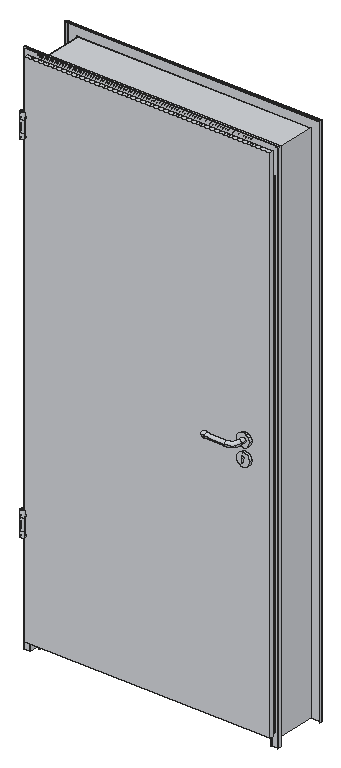
Revit family "BOS-Umfassungszarge-Bud-MW_Familie", category Türen, Revit 2017
Family settings
  Basisbauteil = Wand
  Immer vertikal = Ja
  Beim Laden mit Abzugskörper schneiden = Nein
  Gemeinsam genutzt = Nein
  Raumberechnungspunkt = Ja
Parameters (values of type "Bud")
  Öffnungswinkel [instance] = if(Öffnungswinkel   Aperture < Öffnungswinkel min., Öffnungswinkel min., if(Öffnungswinkel   Aperture > Öffnungswinkel max., Öffnungswinkel max., Öffnungswinkel   Aperture)) * if(DIN links   DIN Left, 1, -1)  # 0.00°
  Öffnungswinkel min. = 0.00°  # constant formula
  Öffnungswinkel max. = 180.00°  # constant formula
  Öffnungswinkel   Aperture [instance] = 0.00°
  Türblattaufschlag = 13 mm  # constant formula
  Türblattabstand links-rechts = 3.5 mm  # constant formula
  Spiegel vorne min. = 30 mm  # constant formula
  Spiegel vorne max. = 80 mm - Falzaufschlag gesamt  # 65 mm
  Spiegel hinten min. [instance] = Spiegel vorne + Falzaufschlag gesamt  # 45 mm
  Spiegel hinten max. [instance] = Spiegel vorne + Falzaufschlag gesamt  # 45 mm
  Sickentiefe = 10 mm  # constant formula
  RNH Rohbau_Nennmaß_Höhe   Nominal Wall Opening Height Measurement [instance] = FMH Falzmaß Höhe + Einfügepunkt  # 2145 mm
  RNB Rohbau_Nennmaß_Breite   Nominal Wall Opening Width Measurement [instance] = FMB Falzmaß Breite + (2 * Einfügepunkt)  # 1040 mm
  Putzwinkel min. = 10 mm  # constant formula
  Putzwinkel max. = 28 mm  # constant formula
  GT min. [instance] = MW min. + Putzwinkel vorne + Putzwinkel hinten  # 100 mm
  Drehpunktreferenz horizontal = 500 mm  # constant formula
  Türblattversatz vertikal = if(Gefälzt, -3.5 mm, 15.5 mm)  # -3.5 mm
  Türblattversatz  horizontal = if(Gefälzt, 11.5 mm, 6 mm)  # 11.5 mm
  Türblattabstand 3 = 4.5 mm  # constant formula
  Türblattabstand 2 = 4.5 mm  # constant formula
  Türblattabstand 1 = if(Gefälzt, 1.5 mm, -2 mm)  # 1.5 mm
  Wandstärke   Wall Thickness [instance] = 200 mm
  Stumpf = or(Bsd, BsFd)  # no
  VX Bänder [instance] = 1 < 2  # yes
  Putzwinkel vorne   Backbend Front [instance] = 10 mm  # constant formula
  Putzwinkel hinten   Backbend Back [instance] = 10 mm  # constant formula
  LDH Lichte Durchgangs Höhe   Clearance Height [instance] = FMH Falzmaß Höhe - Falzaufschlag gesamt  # 2093 mm
  LDB Lichte Durchgangs Breite   Clearance Width [instance] = FMB Falzmaß Breite - (2 * Falzaufschlag gesamt)  # 936 mm
  Gefälzt = or(Bud, BuFd)  # yes
  URL = "www.BestOfSteel.de/stahlzargen/zargen-fuer-drehfluegeltueren/umfassungszargen-als-blockprofil/"
  Türblattstärke 3 = if(Doppelfalz, Falztiefe 2, 0 mm)  # 0 mm
  Türblattstärke 2 = Türblattstärke - Türblattstärke 1 - Türblattstärke 3  # 25.5 mm
  Türblattstärke 1 = if(Gefälzt, 14.5 mm, 0 mm)  # 14.5 mm
  Türblattstärke = if(Einfachfalz, 40 mm, 65 mm)  # 40 mm
  Typenbild = <Keine Auswahl>
  Spiegel vorne   Architrave Front [instance] = 30 mm
  Spiegel vorne [instance] = if(Spiegel vorne   Architrave Front < Spiegel vorne min., Spiegel vorne min., if(Spiegel vorne   Architrave Front > Spiegel vorne max., Spiegel vorne max., Spiegel vorne   Architrave Front))  # 30 mm
  Spiegel hinten   Architrave Back [instance] = Spiegel vorne + Falzaufschlag gesamt  # 45 mm
  Spiegel hinten [instance] = if(Spiegel hinten   Architrave Back < Spiegel hinten min., Spiegel hinten min., if(Spiegel hinten   Architrave Back > Spiegel hinten max., Spiegel hinten max., Spiegel hinten   Architrave Back))  # 45 mm
  Rough Height = 0 mm  # constant formula
  Rough Width = 0 mm  # constant formula
  Rechtliche Hinweise [instance] = "www.BestOfSteel.de/tools-downloads/bim-building-information-modeling/"
  Putzwinkel vorne [instance] = if(Putzwinkel vorne   Backbend Front < Putzwinkel min., Putzwinkel min., if(Putzwinkel vorne   Backbend Front > Putzwinkel max., Putzwinkel max., Putzwinkel vorne   Backbend Front))  # 10 mm
  Putzwinkel hinten [instance] = if(Putzwinkel hinten   Backbend Back < Putzwinkel min., Putzwinkel min., if(Putzwinkel hinten   Backbend Back > Putzwinkel max., Putzwinkel max., Putzwinkel hinten   Backbend Back))  # 10 mm
  MW min. = 80 mm  # constant formula
  MW max. [instance] = GT max. - Putzwinkel vorne - Putzwinkel hinten  # 630 mm
  Information in English = no
  GT max. = 650 mm  # constant formula
  GT Gesamttiefe [instance] = GT Gesamttiefe_Zarge   Total Profile Depth  # 220 mm
  Funktion = Innen
  Falztiefe gesamt = if(Einfachfalz, Falztiefe, Falztiefe + Falztiefe 2)  # 28.5 mm
  Falztiefe 2 = 25 mm  # constant formula
  Falztiefe = Türblattstärke 2 - Türblattabstand 1 + Türblattabstand 2  # 28.5 mm
  Falzaufschlag gesamt = if(Einfachfalz, Falzaufschlag, 2 * Falzaufschlag)  # 15 mm
  FMH min. = 1608 mm  # constant formula
  FMH max. = 2858 mm  # constant formula
  FMH Falzmaß_Höhe   Rebate Height Measurement [instance] = 2108 mm
  FMH Falzmaß Höhe [instance] = if(FMH Falzmaß_Höhe   Rebate Height Measurement < FMH min., FMH min., if(FMH Falzmaß_Höhe   Rebate Height Measurement > FMH max., FMH max., FMH Falzmaß_Höhe   Rebate Height Measurement))  # 2108 mm
  FMB min. = 591 mm  # constant formula
  FMB max. = 1342 mm  # constant formula
  FMB Falzmaß_Breite   Rebate Width Measurement [instance] = 966 mm
  FMB Falzmaß Breite [instance] = if(FMB Falzmaß_Breite   Rebate Width Measurement < FMB min., FMB min., if(FMB Falzmaß_Breite   Rebate Width Measurement > FMB max., FMB max., FMB Falzmaß_Breite   Rebate Width Measurement))  # 966 mm
  Drückerhöhe [instance] = if(Drückerhöhe   Handle Height < 850 mm, 850 mm, if(Drückerhöhe   Handle Height > 1050 mm, 1050 mm, Drückerhöhe   Handle Height))  # 1050 mm
  Drehpunkt Warnung sichtbar = yes
  Drehpunkt Warnung [instance] = and(Drehpunkt Warnung sichtbar, not(Öffnungswinkel = 0.00°))  # no
  Doppelfalz = or(BuFd, BsFd)  # no
  Einfachfalz = or(Bud, Bsd)  # yes
  Dichtungsversatz vertikal 2 [instance] = Falztiefe + Sickentiefe - Putzwinkel vorne + Falztiefe 2  # 53.5 mm
  Dichtungsversatz vertikal 1 [instance] = Falztiefe + Sickentiefe - Putzwinkel vorne  # 28.5 mm
  Dichtungsversatz horizontal 2 [instance] = Falzaufschlag  # 15 mm
  Dichtungsversatz horizontal 1 [instance] = 0 mm  # constant formula
  Dichtung 2 = Doppelfalz  # no
  Dichtung 1 = or(Einfachfalz, Doppelfalz)  # yes
  Drehpunktposition vertikal [instance] = (Wandstärke   Wall Thickness / 2) + Putzwinkel vorne + [Drehpunktabstand (SP) vertikal]  # 122.5 mm
  Drehpunktposition horizontal [instance] = Drehpunktreferenz horizontal + Einfügepunkt + if(DIN links   DIN Left, FMB Falzmaß Breite + [Drehpunktabstand (FM) horizontal], -[Drehpunktabstand (FM) horizontal])  # 1524 mm
  Drehpunktabstand (FM) horizontal = if(Gefälzt, 21 mm, 2.5 mm)  # 21 mm
  Drehpunktabstand (SP) vertikal = if(Gefälzt, 12.5 mm, 13.5 mm)  # 12.5 mm
  Bänder - Auswahl [instance] = if(Gefälzt, "3D Bänder gefälzt, Bandaufnahmen BVX11000", "3D Bänder stumpf, Bandaufnahmen BVX11000")  # "3D Bänder gefälzt, Bandaufnahmen BVX11000"
  Blechstärke = 1.5 mm  # constant formula
  BE max. = 100 mm  # constant formula
  BE Bodeneinstand [instance] = if(BE Bodeneinstand   Foundation Bedding < 0 mm, 0 mm, if(BE Bodeneinstand   Foundation Bedding > BE max., BE max., BE Bodeneinstand   Foundation Bedding))  # 30 mm
  BsFd = no
  BuFd = no
  Modell = "Bud"
  Material - Zarge = none
  Material - Türblatt = none
  Material - Drückergarnitur = none
  Material - Dichtung = none
  Material - Bänder = none
  Material = "grundiert, feuerverzinktes Feinblech nach DIN EN 10143"
  MW Maulweite   Receiving Opening [instance] = if(Wandstärke   Wall Thickness < MW min., MW min., if(Wandstärke   Wall Thickness > MW max., MW max., Wandstärke   Wall Thickness))  # 200 mm
  Height [instance] = RNH Rohbau_Nennmaß_Höhe   Nominal Wall Opening Height Measurement  # 2145 mm
  Hersteller = "BOS GmbH Best Of Steel, Lütkenfelde 4, D-48282 Emsdetten"
  GT Gesamttiefe_Zarge   Total Profile Depth [instance] = MW Maulweite   Receiving Opening + Putzwinkel vorne + Putzwinkel hinten  # 220 mm
  MW Fehler [instance] = or(Wandstärke   Wall Thickness < MW min., Wandstärke   Wall Thickness > MW max.)  # no
  Einfügepunkt [instance] = Spiegel vorne + 7 mm  # 37 mm
  Drückerhöhe   Handle Height [instance] = 1050 mm
  Drückergarnitur [instance] = 1 < 2  # yes
  Dicke = 0 mm  # constant formula
  DIN rechts   DIN Right [instance] = not(DIN links   DIN Left)  # no
  DIN links oder rechts [instance] = if(DIN links   DIN Left, "DIN links", "DIN rechts")  # "DIN links"
  DIN links   DIN Left [instance] = yes
  Bud = yes
  Bsd = no
  Width = 0 mm  # constant formula
  Beschreibung = "Umfassungszarge als Blockprofil für Mauerwerk, gefälzt"
  Bauelement = "BOS Stahlzarge"
  BOS-Architekten-Beratung = "Tel.: +49 (0) 2572 203-203; E-Mail: architekten@BestOfSteel.de"
  BE Bodeneinstand   Foundation Bedding [instance] = 30 mm
  BBL1 Bandbezugslinie   Hinge Position 1 = 241 mm  # constant formula
  BA Bandabstand   Distance Between Hinges [instance] = if(FMH Falzmaß Höhe < 1546 mm, 935 mm, if(FMH Falzmaß Höhe < 1671 mm, 1060 mm, if(FMH Falzmaß Höhe < 1796 mm, 1185 mm, if(FMH Falzmaß Höhe < 1921 mm, 1310 mm, if(FMH Falzmaß Höhe < 2171 mm, 1435 mm, if(FMH Falzmaß Höhe < 2296 mm, 1685 mm, if(FMH Falzmaß Höhe < 2421 mm, 1810 mm, if(FMH Falzmaß Höhe < 2546 mm, 1935 mm, if(FMH Falzmaß Höhe < 2671 mm, 2060 mm, if(FMH Falzmaß Höhe < 2796 mm, 2185 mm, 2310 mm))))))))))  # 1435 mm
  Falzaufschlag = 15 mm  # constant formula
  Technische Infos rund um die Stahlzarge = "www.BestOfSteel.de/tools-downloads/technische-infos-rund-um-die-stahlzarge/"
  Info-Texte sichtbar = yes
Reference planes
  plane 1 "Wand": y = 0
  plane 2 "Mitte (Links/rechts)": x = 125
  plane 3 "Hinten": y = 100
  plane 4 "Vorne": y = -100
  plane 5 "RNB links": x = -395
  plane 6 "RNB rechts": x = 645
  plane 7 "RNH oben": z = 2145
  plane 8 "BBL1": z = 1867
  plane 9 "Drückerhöhe": z = 1050
  plane 10 "BBL2": z = 432
  plane 11 "BE": z = -30
  plane 12 "FMH oben": z = 2108
  plane 13 "BE max.": z = -100
  plane 14 "FMB links": x = -358
  plane 15 "FMB rechts": x = 608
  plane 16 "Drehpunkt vertikal": y = -122.5
  plane 17 "Drehpunkt horizontal": x = -379
  plane 18 "Drehpunktreferenz horizontal": x = 1145
Forms (mm)
  Sweep 1, solid, material <- "Material - Zarge", visible <- "Einfachfalz", detail levels medium+fine
    path origin (0, -100, 0) x (-1, 0, 0) y (0, 0, 1)
      loop
        line (395, -30) -> (395, 2145) -> (-645, 2145) -> (-645, -30)
    profile "BOS-Bud-Bsd_Profil : BOS-Bud-Bsd_Profil" origin (-395, -100, 1057.5) x (1, 0, 0) y (0, 1, 0)
      loop
        line (7, 200) -> (8.5, 200) -> (8.5, 207.5)
        arc (8.5, 207.5) -> (8.793, 208.207) -> (9.5, 208.5) r 1
        line (9.5, 208.5) -> (49.5, 208.5)
        arc (49.5, 208.5) -> (50.207, 208.207) -> (50.5, 207.5) r 1
        line (50.5, 207.5) -> (50.5, 21.25)
        arc (50.5, 21.25) -> (49.135, 20.005) -> (48.021, 21.479) r 1.25
        line (48.021, 21.479) -> (48.949, 26.449)
        arc (48.949, 26.449) -> (48.308, 28.917) -> (46, 30) r 3
        line (46, 30) -> (38, 30)
        arc (38, 30) -> (36.232, 29.268) -> (35.5, 27.5) r 2.5
        line (35.5, 27.5) -> (35.5, -7.5)
        arc (35.5, -7.5) -> (35.207, -8.207) -> (34.5, -8.5) r 1
        line (34.5, -8.5) -> (9.5, -8.5)
        arc (9.5, -8.5) -> (8.793, -8.207) -> (8.5, -7.5) r 1
        line (8.5, -7.5) -> (8.5, 0) -> (7, 0) -> (7, -7.5)
        arc (7, -7.5) -> (7.732, -9.268) -> (9.5, -10) r 2.5
        line (9.5, -10) -> (34.5, -10)
        arc (34.5, -10) -> (36.268, -9.268) -> (37, -7.5) r 2.5
        line (37, -7.5) -> (37, 27.5)
        arc (37, 27.5) -> (37.293, 28.207) -> (38, 28.5) r 1
        line (38, 28.5) -> (46, 28.5)
        arc (46, 28.5) -> (47.154, 27.958) -> (47.475, 26.725) r 1.5
        line (47.475, 26.725) -> (46.547, 21.755)
        arc (46.547, 21.755) -> (48.996, 18.512) -> (52, 21.25) r 2.75
        line (52, 21.25) -> (52, 207.5)
        arc (52, 207.5) -> (51.268, 209.268) -> (49.5, 210) r 2.5
        line (49.5, 210) -> (9.5, 210)
        arc (9.5, 210) -> (7.732, 209.268) -> (7, 207.5) r 2.5
        line (7, 207.5) -> (7, 200)
  Sweep 2, solid, material <- "Material - Dichtung", visible <- "Dichtung 1", detail levels medium+fine
    path origin (0, -100, 0) x (-1, 0, 0) y (0, 0, 1)
      loop
        line (358, 0) -> (358, 2108) -> (-608, 2108) -> (-608, 0)
    profile "BOS-Dichtung_Profil : BOS-Dichtung_Profil" origin (-358, -100, 1054) x (1, 0, 0) y (0, 1, 0)
      loop
        arc (2.601, 27.263) -> (2.248, 27.116) -> (2.102, 26.763) r 0.5
        line (2.102, 26.763) -> (2.102, 22.634)
        arc (2.102, 22.634) -> (2.243, 22.254) -> (2.599, 22.057) r 0.584
        line (2.599, 22.057) -> (7.702, 21.28)
        arc (7.702, 21.28) -> (8.08, 21.392) -> (8.234, 21.754) r 0.462
        line (8.234, 21.754) -> (8.069, 25.992)
        arc (8.069, 25.992) -> (7.918, 26.403) -> (7.556, 26.65) r 0.716
        arc (7.556, 26.65) -> (5.104, 27.16) -> (2.601, 27.263) r 15.257
      loop
        arc (2.671, 20.957) -> (2.274, 20.838) -> (2.102, 20.46) r 0.501
        line (2.102, 20.46) -> (2.102, 17.565)
        arc (2.102, 17.565) -> (2.227, 17.151) -> (2.561, 16.874) r 0.75
        line (2.561, 16.874) -> (9.159, 15)
        arc (9.159, 15) -> (9.738, 14.926) -> (10.314, 15.026) r 1.962
        arc (10.314, 15.026) -> (11.596, 15.754) -> (12.503, 16.916) r 3.79
        arc (12.503, 16.916) -> (12.466, 17.289) -> (12.114, 17.416) r 0.351
        arc (12.114, 17.416) -> (9.731, 17.818) -> (8.301, 19.767) r 3.215
        arc (8.301, 19.767) -> (8.101, 20.097) -> (7.751, 20.259) r 0.66
        line (7.751, 20.259) -> (2.671, 20.957)
      loop
        arc (9.885, 26.692) -> (6.361, 28.049) -> (2.611, 28.5) r 15.273
        arc (2.611, 28.5) -> (1.229, 28.241) -> (0, 27.558) r 4.388
        arc (0, 27.558) -> (-0.126, 27.198) -> (0.203, 27.005) r 0.3
        line (0.203, 27.005) -> (1.052, 27.179) -> (1.052, 22.212) -> (0.253, 21.589)
        arc (0.253, 21.589) -> (0.158, 21.198) -> (0.517, 21.017) r 0.324
        arc (0.517, 21.017) -> (0.888, 20.925) -> (1.052, 20.58) r 0.446
        line (1.052, 20.58) -> (1.052, 17.338) -> (0.255, 16.575)
        arc (0.255, 16.575) -> (0.205, 16.209) -> (0.55, 16.077) r 0.297
        arc (0.55, 16.077) -> (1.217, 16.194) -> (1.892, 16.137) r 2.63
        line (1.892, 16.137) -> (9.198, 14.049)
        arc (9.198, 14.049) -> (9.621, 14.008) -> (10.045, 14.024) r 3.219
        arc (10.045, 14.024) -> (12.714, 15.531) -> (14.033, 18.298) r 5.088
        arc (14.033, 18.298) -> (13.874, 18.708) -> (13.442, 18.788) r 0.451
        line (13.442, 18.788) -> (12.151, 18.352)
        arc (12.151, 18.352) -> (10.406, 18.72) -> (9.336, 20.147) r 2.533
        line (9.336, 20.147) -> (9.088, 25.569)
        arc (9.088, 25.569) -> (9.253, 25.964) -> (9.663, 26.087) r 0.501
        arc (9.663, 26.087) -> (10.021, 26.299) -> (9.885, 26.692) r 0.329
  Sweep 3, solid, material <- "Material - Zarge", visible <- "Doppelfalz", detail levels medium+fine
    path origin (0, -100, 0) x (-1, 0, 0) y (0, 0, 1)
      loop
        line (395, -30) -> (395, 2145) -> (-645, 2145) -> (-645, -30)
    profile "BOS-BuFd-BsFd_Profil : BOS-BuFd-BsFd_Profil" origin (-395, -100, 1057.5) x (1, 0, 0) y (0, 1, 0)
      loop
        line (7, 0) -> (7, -7.5)
        arc (7, -7.5) -> (7.732, -9.268) -> (9.5, -10) r 2.5
        line (9.5, -10) -> (34.5, -10)
        arc (34.5, -10) -> (36.268, -9.268) -> (37, -7.5) r 2.5
        line (37, -7.5) -> (37, 27.5)
        arc (37, 27.5) -> (37.293, 28.207) -> (38, 28.5) r 1
        line (38, 28.5) -> (46, 28.5)
        arc (46, 28.5) -> (47.154, 27.958) -> (47.475, 26.725) r 1.5
        line (47.475, 26.725) -> (46.547, 21.755)
        arc (46.547, 21.755) -> (48.996, 18.512) -> (52, 21.25) r 2.75
        line (52, 21.25) -> (52, 52.5)
        arc (52, 52.5) -> (52.293, 53.207) -> (53, 53.5) r 1
        line (53, 53.5) -> (61, 53.5)
        arc (61, 53.5) -> (62.154, 52.958) -> (62.475, 51.725) r 1.5
        line (62.475, 51.725) -> (61.547, 46.755)
        arc (61.547, 46.755) -> (63.996, 43.512) -> (67, 46.25) r 2.75
        line (67, 46.25) -> (67, 207.5)
        arc (67, 207.5) -> (66.268, 209.268) -> (64.5, 210) r 2.5
        line (64.5, 210) -> (24.5, 210)
        arc (24.5, 210) -> (22.732, 209.268) -> (22, 207.5) r 2.5
        line (22, 207.5) -> (22, 200) -> (23.5, 200) -> (23.5, 207.5)
        arc (23.5, 207.5) -> (23.793, 208.207) -> (24.5, 208.5) r 1
        line (24.5, 208.5) -> (64.5, 208.5)
        arc (64.5, 208.5) -> (65.207, 208.207) -> (65.5, 207.5) r 1
        line (65.5, 207.5) -> (65.5, 46.25)
        arc (65.5, 46.25) -> (64.135, 45.005) -> (63.021, 46.479) r 1.25
        line (63.021, 46.479) -> (63.949, 51.449)
        arc (63.949, 51.449) -> (63.308, 53.917) -> (61, 55) r 3
        line (61, 55) -> (53, 55)
        arc (53, 55) -> (51.232, 54.268) -> (50.5, 52.5) r 2.5
        line (50.5, 52.5) -> (50.5, 21.25)
        arc (50.5, 21.25) -> (49.135, 20.005) -> (48.021, 21.479) r 1.25
        line (48.021, 21.479) -> (48.949, 26.449)
        arc (48.949, 26.449) -> (48.308, 28.917) -> (46, 30) r 3
        line (46, 30) -> (38, 30)
        arc (38, 30) -> (36.232, 29.268) -> (35.5, 27.5) r 2.5
        line (35.5, 27.5) -> (35.5, -7.5)
        arc (35.5, -7.5) -> (35.207, -8.207) -> (34.5, -8.5) r 1
        line (34.5, -8.5) -> (9.5, -8.5)
        arc (9.5, -8.5) -> (8.793, -8.207) -> (8.5, -7.5) r 1
        line (8.5, -7.5) -> (8.5, 0) -> (7, 0)
  Sweep 4, solid, material <- "Material - Dichtung", visible <- "Dichtung 2", detail levels medium+fine
    path origin (0, -100, 0) x (-1, 0, 0) y (0, 0, 1)
      loop
        line (358, 0) -> (358, 2108) -> (-608, 2108) -> (-608, 0)
    profile "BOS-Dichtung_Profil : BOS-Dichtung_Profil" origin (-358, -100, 1054) x (1, 0, 0) y (0, 1, 0)
      loop
        arc (17.601, 52.263) -> (17.248, 52.116) -> (17.102, 51.763) r 0.5
        line (17.102, 51.763) -> (17.102, 47.634)
        arc (17.102, 47.634) -> (17.243, 47.254) -> (17.599, 47.057) r 0.584
        line (17.599, 47.057) -> (22.702, 46.28)
        arc (22.702, 46.28) -> (23.08, 46.392) -> (23.234, 46.754) r 0.462
        line (23.234, 46.754) -> (23.069, 50.992)
        arc (23.069, 50.992) -> (22.918, 51.403) -> (22.556, 51.65) r 0.716
        arc (22.556, 51.65) -> (20.104, 52.16) -> (17.601, 52.263) r 15.257
      loop
        arc (17.671, 45.957) -> (17.274, 45.838) -> (17.102, 45.46) r 0.501
        line (17.102, 45.46) -> (17.102, 42.565)
        arc (17.102, 42.565) -> (17.227, 42.151) -> (17.561, 41.874) r 0.75
        line (17.561, 41.874) -> (24.159, 40)
        arc (24.159, 40) -> (24.738, 39.926) -> (25.314, 40.026) r 1.962
        arc (25.314, 40.026) -> (26.596, 40.754) -> (27.503, 41.916) r 3.79
        arc (27.503, 41.916) -> (27.466, 42.289) -> (27.114, 42.416) r 0.351
        arc (27.114, 42.416) -> (24.731, 42.818) -> (23.301, 44.767) r 3.215
        arc (23.301, 44.767) -> (23.101, 45.097) -> (22.751, 45.259) r 0.66
        line (22.751, 45.259) -> (17.671, 45.957)
      loop
        arc (24.885, 51.692) -> (21.361, 53.049) -> (17.611, 53.5) r 15.273
        arc (17.611, 53.5) -> (16.229, 53.241) -> (15, 52.558) r 4.388
        arc (15, 52.558) -> (14.874, 52.198) -> (15.203, 52.005) r 0.3
        line (15.203, 52.005) -> (16.052, 52.179) -> (16.052, 47.212) -> (15.253, 46.589)
        arc (15.253, 46.589) -> (15.158, 46.198) -> (15.517, 46.017) r 0.324
        arc (15.517, 46.017) -> (15.888, 45.925) -> (16.052, 45.58) r 0.446
        line (16.052, 45.58) -> (16.052, 42.338) -> (15.255, 41.575)
        arc (15.255, 41.575) -> (15.205, 41.209) -> (15.55, 41.077) r 0.297
        arc (15.55, 41.077) -> (16.217, 41.194) -> (16.892, 41.137) r 2.63
        line (16.892, 41.137) -> (24.198, 39.049)
        arc (24.198, 39.049) -> (24.621, 39.008) -> (25.045, 39.024) r 3.219
        arc (25.045, 39.024) -> (27.714, 40.531) -> (29.033, 43.298) r 5.088
        arc (29.033, 43.298) -> (28.874, 43.708) -> (28.442, 43.788) r 0.451
        line (28.442, 43.788) -> (27.151, 43.352)
        arc (27.151, 43.352) -> (25.406, 43.72) -> (24.336, 45.147) r 2.533
        line (24.336, 45.147) -> (24.088, 50.569)
        arc (24.088, 50.569) -> (24.253, 50.964) -> (24.663, 51.087) r 0.501
        arc (24.663, 51.087) -> (25.021, 51.299) -> (24.885, 51.692) r 0.329
  Sweep 5, void
    path origin (0, -100, 0) x (-1, 0, 0) y (0, 0, 1)
      loop
        line (395, 0) -> (395, 2145) -> (-125, 2145)
    profile "BOS-AK-Umfassungszarge-Einfachfalz_Profil : BOS-AK-Umfassungszarge-Einfachfalz_Profil" origin (-395, -100, 1072.5) x (1, 0, 0) y (0, 1, 0)
      loop
        line (520, 200) -> (50.5, 200) -> (50.5, 30) -> (39.5, 30)
        arc (39.5, 30) -> (36.672, 28.828) -> (35.5, 26) r 4
        line (35.5, 26) -> (35.5, 0) -> (520, 0) -> (520, 200)
  Sweep 6, void
    path origin (0, -100, 0) x (-1, 0, 0) y (0, 0, 1)
      loop
        line (-645, 0) -> (-645, 2145) -> (-125, 2145)
    profile "BOS-AK-Umfassungszarge-Einfachfalz_Profil : BOS-AK-Umfassungszarge-Einfachfalz_Profil" origin (645, -100, 1072.5) x (1, 0, 0) y (0, 1, 0)
      loop
        line (-520, 200) -> (-520, 0) -> (-35.5, 0) -> (-35.5, 26)
        arc (-35.5, 26) -> (-36.672, 28.828) -> (-39.5, 30) r 4
        line (-39.5, 30) -> (-50.5, 30) -> (-50.5, 200) -> (-520, 200)
  Sweep 7, void
    path origin (0, -100, 0) x (-1, 0, 0) y (0, 0, 1)
      loop
        line (395, 0) -> (395, 2145) -> (-125, 2145)
    profile "BOS-AK-Umfassungszarge-Doppelfalz_Profil : BOS-AK-Umfassungszarge-Doppelfalz_Profil" origin (-395, -100, 1072.5) x (1, 0, 0) y (0, 1, 0)
      loop
        line (520, 200) -> (176.5, 200) -> (176.5, 55) -> (165.5, 55)
        arc (165.5, 55) -> (162.672, 53.828) -> (161.5, 51) r 4
        line (161.5, 51) -> (161.5, 30) -> (150.5, 30)
        arc (150.5, 30) -> (147.672, 28.828) -> (146.5, 26) r 4
        line (146.5, 26) -> (146.5, 0) -> (520, 0) -> (520, 200)
  Sweep 8, void
    path origin (0, -100, 0) x (-1, 0, 0) y (0, 0, 1)
      loop
        line (-645, 0) -> (-645, 2145) -> (-125, 2145)
    profile "BOS-AK-Umfassungszarge-Doppelfalz_Profil : BOS-AK-Umfassungszarge-Doppelfalz_Profil" origin (645, -100, 1072.5) x (1, 0, 0) y (0, 1, 0)
      loop
        line (-520, 200) -> (-520, 0) -> (-146.5, 0) -> (-146.5, 26)
        arc (-146.5, 26) -> (-147.672, 28.828) -> (-150.5, 30) r 4
        line (-150.5, 30) -> (-161.5, 30) -> (-161.5, 51)
        arc (-161.5, 51) -> (-162.672, 53.828) -> (-165.5, 55) r 4
        line (-165.5, 55) -> (-176.5, 55) -> (-176.5, 200) -> (-520, 200)
Lines and regions (mm)
  reference lines
    curve 1: line (65, 650, 0) -> (185, 650, 0)
    curve 2: line (-379, -122.5, 0) -> (321, -122.5, 0)
    curve 3: line (65, -350, 0) -> (185, -350, 0)
    curve 4: line (65, -650, 0) -> (185, -650, 0)
    curve 9: line (65, 150, 0) -> (185, 150, 0)
  symbolic lines, style "DoorsHiddenLines", visible <- "DIN links   DIN Left", detail levels coarse
    curve 5: arc (645, -100, 0) -> (340.391, -835.391, 0) -> (-395, -1140, 0) r 1040
  symbolic lines, style "Doors", visible <- "DIN links   DIN Left", detail levels coarse
    curve 6: line (-395, -100, 0) -> (-395, -1140, 0)
  symbolic lines, style "DoorsHiddenLines", visible <- "DIN rechts   DIN Right", detail levels coarse
    curve 7: arc (-395, -100, 0) -> (-90.391, -835.391, 0) -> (645, -1140, 0) r 1040
  symbolic lines, style "Doors", visible <- "DIN rechts   DIN Right", detail levels coarse
    curve 8: line (645, -100, 0) -> (645, -1140, 0)
Text (mm)
  text "Außen     " at (-1696.17, 830.944, 0), in view "Ref.-Ebene"
  text "Außen" at (0, 1409.804, 2854.306), in view "Links"
  text "Placement side" at (0, 499.811, 2980.732), in view "Rechts"
Dimensions and locks
  locked: plane 3 "Hinten" to host wall
  locked: host wall to plane 4 "Vorne" at 0
  equal spacing: plane 5 "RNB links", plane 2 "Mitte (Links/rechts)", plane 6 "RNB rechts"
  "RNB Rohbau_Nennmaß_Breite   Nominal Wall Opening Width Measurement": plane 5 "RNB links" to plane 6 "RNB rechts"
  "Drückerhöhe": level to plane 9 "Drückerhöhe"
  "BE Bodeneinstand": plane 11 "BE" to level
  "Wandstärke   Wall Thickness": host wall to host wall
  "BBL1 Bandbezugslinie   Hinge Position 1": plane 12 "FMH oben" to plane 8 "BBL1"
  "BA Bandabstand   Distance Between Hinges": plane 8 "BBL1" to plane 10 "BBL2"
  "FMH Falzmaß Höhe": plane 12 "FMH oben" to level
  "RNH Rohbau_Nennmaß_Höhe   Nominal Wall Opening Height Measurement": plane 7 "RNH oben" to level
  curve 4 to curve 3 to plane 4 "Vorne" to plane 3 "Hinten" to curve 9 to curve 1 = 300 mm, 250 mm, 200 mm, 50 mm, 500 mm
  "BE max.": level to plane 13 "BE max."
  equal spacing: plane 14 "FMB links", plane 2 "Mitte (Links/rechts)", plane 15 "FMB rechts"
  "FMB Falzmaß Breite": plane 14 "FMB links" to plane 15 "FMB rechts"
  "Drehpunktposition vertikal": host wall to plane 16 "Drehpunkt vertikal"
  "Drehpunktreferenz horizontal": plane 6 "RNB rechts" to plane 18 "Drehpunktreferenz horizontal"
  "Drehpunktposition horizontal": plane 17 "Drehpunkt horizontal" to plane 18 "Drehpunktreferenz horizontal"
  "Öffnungswinkel": angle curve 2 to plane 16 "Drehpunkt vertikal"
  aligned and locked: plane 1 "Wand" to host wall
  aligned and locked: plane 6 "RNB rechts" to nested 1
  aligned and locked: nested 1 to plane 4 "Vorne"
  aligned and locked: plane 9 "Drückerhöhe" to nested 1
  aligned and locked: Sweep 2 sketch curve to plane 14 "FMB links"
  aligned and locked: Sweep 2 sketch curve to plane 12 "FMH oben"
  aligned and locked: Sweep 2 sketch curve to plane 15 "FMB rechts"
  aligned and locked: Sweep 4 sketch curve to plane 15 "FMB rechts"
  aligned and locked: Sweep 4 sketch curve to plane 12 "FMH oben"
  aligned and locked: Sweep 4 sketch curve to plane 14 "FMB links"
  aligned and locked: plane 16 "Drehpunkt vertikal" to curve 2
  aligned and locked: plane 17 "Drehpunkt horizontal" to curve 2
  aligned and locked: curve 2 to nested 2
  aligned and locked: nested 4 to plane 10 "BBL2"
  aligned and locked: plane 8 "BBL1" to nested 3
  aligned and locked: plane 17 "Drehpunkt horizontal" to nested 3
  aligned and locked: plane 17 "Drehpunkt horizontal" to nested 4
  aligned and locked: plane 16 "Drehpunkt vertikal" to nested 3
  aligned and locked: plane 16 "Drehpunkt vertikal" to nested 4
  aligned and locked: curve 1 to nested 8
  aligned and locked: plane 2 "Mitte (Links/rechts)" to nested 8
  aligned and locked: plane 18 "Drehpunktreferenz horizontal" to nested 6
  aligned and locked: plane 1 "Wand" to nested 6
  aligned and locked: nested 7 to plane 2 "Mitte (Links/rechts)"
  aligned and locked: curve 3 to nested 5
  aligned and locked: nested 5 to plane 2 "Mitte (Links/rechts)"
  aligned and locked: Sweep 5 sketch curve to plane 7 "RNH oben"
  aligned and locked: plane 2 "Mitte (Links/rechts)" to Sweep 5 sketch curve
  aligned and locked: plane 5 "RNB links" to Sweep 5 sketch curve
  aligned and locked: level to Sweep 5 sketch curve
  aligned and locked: plane 7 "RNH oben" to Sweep 6 sketch curve
  aligned and locked: plane 2 "Mitte (Links/rechts)" to Sweep 6 sketch curve
  aligned and locked: plane 6 "RNB rechts" to Sweep 6 sketch curve
  aligned and locked: level to Sweep 6 sketch curve
  aligned and locked: Sweep 7 sketch curve to plane 7 "RNH oben"
  aligned and locked: plane 5 "RNB links" to Sweep 7 sketch curve
  aligned and locked: plane 2 "Mitte (Links/rechts)" to Sweep 7 sketch curve
  aligned and locked: level to Sweep 7 sketch curve
  aligned and locked: plane 7 "RNH oben" to Sweep 8 sketch curve
  aligned and locked: plane 2 "Mitte (Links/rechts)" to Sweep 8 sketch curve
  aligned and locked: plane 6 "RNB rechts" to Sweep 8 sketch curve
  aligned and locked: level to Sweep 8 sketch curve
  aligned and locked: nested 9 to plane 4 "Vorne"
  aligned and locked: plane 5 "RNB links" to nested 9
  aligned and locked: plane 4 "Vorne" to nested 10
  aligned and locked: plane 6 "RNB rechts" to nested 10
  aligned and locked: nested 12 to Sweep 1
  aligned and locked: nested 9 to nested 12
  aligned and locked: curve 9 to nested 11
  aligned and locked: plane 2 "Mitte (Links/rechts)" to nested 11
  aligned and locked: curve 4 to nested 7
Automatic sketch dimensions
  Sweep 1 sketch curve to plane 6 "RNB rechts" = 0 mm
  Sweep 1 sketch curve to plane 5 "RNB links" = 0 mm
  Sweep 1 sketch curve to plane 11 "BE" = 0 mm  (x2)
  Sweep 1 sketch curve to plane 7 "RNH oben" = 0 mm
  Sweep 2 sketch curve to level = 0 mm  (x2)
  Sweep 3 sketch curve to plane 6 "RNB rechts" = 0 mm
  Sweep 3 sketch curve to plane 5 "RNB links" = 0 mm
  Sweep 3 sketch curve to plane 11 "BE" = 0 mm  (x2)
  Sweep 3 sketch curve to plane 7 "RNH oben" = 0 mm
  Sweep 4 sketch curve to level = 0 mm  (x2)
  host wall to curve 7 = 0 mm
  curve 6 to plane 5 "RNB links" = 0 mm
  host wall to curve 8 = 0 mm
  host wall to curve 5 = 0 mm
  curve 5 to plane 6 "RNB rechts" = 0 mm
  host wall to curve 6 = 0 mm
  curve 7 to plane 5 "RNB links" = 0 mm
  curve 8 to plane 6 "RNB rechts" = 0 mm
  curve 4 to plane 2 "Mitte (Links/rechts)" = 60 mm
  curve 9 to plane 2 "Mitte (Links/rechts)" = 60 mm
  curve 3 to plane 2 "Mitte (Links/rechts)" = 60 mm
  curve 1 to plane 2 "Mitte (Links/rechts)" = 60 mm
  plane 2 "Mitte (Links/rechts)" to curve 3 = 60 mm
  plane 2 "Mitte (Links/rechts)" to curve 1 = 60 mm
  plane 2 "Mitte (Links/rechts)" to curve 4 = 60 mm
  plane 2 "Mitte (Links/rechts)" to curve 9 = 60 mm
Nested families
  nested 1: "BOS-BOS_Modell" at (645, -100, 1050), type "BOS-BOS_Modell", not visible
    with Abstand 37 mm
  nested 2: "BOS-Türblatt_Modell" at (125, -119, 0), type "BOS-Türblatt_Modell"
    with Glastürdrücker DIN rechts no, Glastürdrücker DIN links no, Drückergarnitur DIN rechts no, Drückergarnitur DIN links yes
  nested 3: "BOS-Band-VX_Modell" at (-379, -122.5, 1867), visible <- "VX Bänder", type "BOS-Band-VX_Modell", detail levels fine
  nested 4: "BOS-Band-VX_Modell" at (-379, -122.5, 432), visible <- "VX Bänder", type "BOS-Band-VX_Modell", detail levels fine
  nested 5: "BOS-Info-Texte_Beschriftung" at (125, -350.955, 0), visible <- "Drehpunkt Warnung", type "Drehpunkt Warnung"
  nested 6: "BOS-Info-Texte_Beschriftung" at (1145, -0.955, 0), visible <- "MW Fehler", type "Maulweite Fehlermeldung"
  nested 7: "BOS-Info-Texte_Beschriftung" at (125, -650.955, 0), visible <- "Info-Texte sichtbar", type "Rechtliche Hinweise"
  nested 8: "BOS-Info-Texte_Beschriftung" at (125, 649.045, 0), visible <- "Info-Texte sichtbar", type "Technische Hinweise"
  nested 9: "BOS-loser-Propelleranker_Detail" at (-395, -85, 0), type "BOS-loser-Propelleranker_Detail", detail levels fine
  nested 10: "BOS-loser-Propelleranker_Detail" at (645, -85, 0) x (-1, 0, 0) z (0, 0, 1), type "BOS-loser-Propelleranker_Detail", detail levels fine
  nested 11: "BOS-Info-Texte_Beschriftung" at (125, 149.045, 0), visible <- "Info-Texte sichtbar", type "Rohbaumaß Warnung"
  nested 12: "BOS-Logo_Modell" at (-379.5, 100, 0), type "BOS-Logo_Modell"
    with Abstand horizontal 4 mm
Definition of nested family "BOS-Türblatt_Modell"
  Parameters (values of type "BOS-Türblatt_Modell")
    Default Elevation = 1219.2 mm
    URL = "www.BestOfSteel.de"
    Türblattversatz vertikal = -3.5 mm
    Türblattversatz horizontal = 11.5 mm
    Technische Infos rund um die Stahlzarge = "www.BestOfSteel.de/tools-downloads/technische-infos-rund-um-die-stahlzarge/"
    Türblattaufschlag = 13 mm
    Türblattstärke 3 = 0 mm
    Türblattstärke 2 = 25.5 mm
    Türblattstärke 1 = 14.5 mm
    Türblattstärke = 40 mm
    Türblattabstand oben = 4 mm
    Türblattabstand unten = 7 mm
    Türblattabstand links-rechts = 3.5 mm
    TAH3 Türblatt Außenmaß Höhe 3 = FMH Zargen Falzmaß Höhe - Falzaufschlag - Türblattabstand oben - Türblattabstand unten  # 2082 mm
    TAH2 Türblatt Außenmaß Höhe 2 = FMH Zargen Falzmaß Höhe - Türblattabstand oben - Türblattabstand unten  # 2097 mm
    TAH Türblatt Außenmaß Höhe = FMH Zargen Falzmaß Höhe + if(Gefälzt, Türblattaufschlag, 0 mm) - Türblattabstand oben - Türblattabstand unten  # 2110 mm
    Stumpf = no
    Rechtliche Hinweise = "www.BestOfSteel.de/tools-downloads/bim-building-information-modeling/"
    Material - Türblatt = none
    Material - Drückergarnitur = none
    Glastürtdrücker = no
    Glastürdrücker DIN rechts [instance] = and(Glastürtdrücker, DIN rechts)  # no
    Glastürdrücker DIN links [instance] = and(Glastürtdrücker, DIN links)  # no
    Gefälzt = yes
    FMH Zargen Falzmaß Höhe = 2108 mm
    FMB Zargen Falzmaß Breite = 966 mm
    Einfachfalz = yes
    Drückerhöhe = 1050 mm
    Drückergarnitur = yes
    Drückerabstand = 100 mm
    Drehpunktabstand vertikal = (2 * Türblattstärke) + Türblattversatz vertikal  # 76.5 mm
    Drehpunktabstand horizontal = (TAB Türblatt Außenmass Breite / 2) + if(DIN links, -Türblattversatz horizontal, TAB Türblatt Außenmass Breite + Türblattversatz horizontal)  # 481 mm
    Doppelfalz = no
    Drückergarnitur DIN rechts [instance] = and(Drückergarnitur, DIN rechts)  # no
    Drückergarnitur DIN links [instance] = and(Drückergarnitur, DIN links)  # yes
    DIN rechts = no
    DIN links = yes
    Description = "Holz- oder Glastürblatt, mit Drücker, gefälzt oder stumpf"
    Keynote = "BOS Türblatt"
    TAB3 Türblatt Außenmass Breite Türblatt 3 = FMB Zargen Falzmaß Breite - 2 * (Falzaufschlag + [Türblattabstand links-rechts])  # 929 mm
    TAB Türblatt Außenmass Breite = FMB Zargen Falzmaß Breite + 2 * (if(Gefälzt, Türblattaufschlag, 0 mm) - [Türblattabstand links-rechts])  # 985 mm
    TAB2 Türblatt Außenmass Breite Türblatt 2 = FMB Zargen Falzmaß Breite - 2 * ([Türblattabstand links-rechts])  # 959 mm
    Falzaufschlag = 15 mm
    BOS-Architekten-Beratung = "Tel.: +49 (0) 2572 203-203; E-Mail: architekten@BestOfSteel.de"
  Reference planes
    plane 1: y = -7
    plane 2: z = 0
    plane 3: x = 0
    plane 4: z = 7
    plane 5: z = 2117
    plane 6: x = -492.5
    plane 7: x = 492.5
    plane 8: x = -479.5
    plane 9: x = 479.5
    plane 10: x = 464.5
    plane 11: x = -464.5
    plane 12: y = 7.5
    plane 13: y = 33
    plane 14: y = 33
    plane 15: z = 2104
    plane 16: z = 2089
    plane 17: x = -392.5
    plane 18: x = 392.5
    plane 19: y = 73
    plane 20: z = 1050
    plane 21: x = -502.5
    plane 22: x = 502.5
    plane 23: z = 2127
    plane 24: x = -985
    plane 25: x = -504
    plane 26: y = -3.5
  Forms (mm)
    Extrusion 1, solid, material <- "Material - Türblatt", detail levels medium+fine
      sketch origin (0, 0, 0) x (1, 0, 0) y (0, 1, 0)
        loop
          line (-492.5, 33) -> (-492.5, -7) -> (492.5, -7) -> (492.5, 33) -> (-492.5, 33)
      from 7 to 2117
    Extrusion 2, void
      sketch origin (0, 0, 0) x (1, 0, 0) y (0, 1, 0)
        loop
          line (-502.5, 73) -> (-502.5, 7.5) -> (-479.5, 7.5) -> (-479.5, 33) -> (-464.5, 33) -> (-464.5, 73) -> (-502.5, 73)
        loop
          line (464.5, 73) -> (464.5, 33) -> (479.5, 33) -> (479.5, 7.5) -> (502.5, 7.5) -> (502.5, 73) -> (464.5, 73)
      from 7 to 2117
    Extrusion 3, void
      sketch origin (0, 0, 0) x (0, 1, 0) y (0, 0, 1)
        loop
          line (73, 2127) -> (7.5, 2127) -> (7.5, 2104) -> (33, 2104) -> (33, 2089) -> (73, 2089) -> (73, 2127)
      from -492.5 to 492.5
  Cuts and joins
    Extrusion 2, Extrusion 3 cuts Extrusion 1
  Dimensions and locks
    "Türblattabstand unten": plane 4 to plane 2
    equal spacing: plane 6, plane 3, plane 7
    "TAB Türblatt Außenmass Breite": plane 6 to plane 7
    equal spacing: plane 8, plane 3, plane 9
    "TAB2 Türblatt Außenmass Breite Türblatt 2": plane 8 to plane 9
    equal spacing: plane 11, plane 3, plane 10
    "TAB3 Türblatt Außenmass Breite Türblatt 3": plane 11 to plane 10
    "Türblattstärke 1": plane 1 to plane 12
    "Türblattstärke 2": plane 13 to plane 12
    "Türblattstärke 3": plane 14 to plane 13
    "TAH Türblatt Außenmaß Höhe": plane 5 to plane 4
    "TAH2 Türblatt Außenmaß Höhe 2": plane 15 to plane 4
    "TAH3 Türblatt Außenmaß Höhe 3": plane 16 to plane 4
    "Drückerabstand": plane 6 to plane 17
    "Drückerabstand": plane 18 to plane 7
    "Türblattstärke": plane 19 to plane 14
    "Drückerhöhe": plane 20 to plane 2
    plane 21 to plane 6 = 10 mm
    plane 7 to plane 22 = 10 mm
    plane 23 to plane 5 = 10 mm
    "Drehpunktabstand horizontal": plane 24 to plane 25
    "TAB Türblatt Außenmass Breite": plane 24 to plane 3
    "Drehpunktabstand vertikal": plane 19 to plane 26
    aligned and locked: level to plane 2
    aligned and locked: Extrusion 1 sketch curve to plane 1
    aligned and locked: Extrusion 1 sketch curve to plane 6
    aligned and locked: Extrusion 1 sketch curve to plane 14
    aligned and locked: Extrusion 1 sketch curve to plane 7
    aligned and locked: Extrusion 1 to plane 4
    aligned and locked: plane 5 to Extrusion 1
    aligned and locked: plane 19 to Extrusion 2 sketch curve
    aligned and locked: plane 11 to Extrusion 2 sketch curve
    aligned and locked: plane 13 to Extrusion 2 sketch curve  (x2)
    aligned and locked: plane 8 to Extrusion 2 sketch curve
    aligned and locked: Extrusion 2 sketch curve to plane 12
    aligned and locked: plane 10 to Extrusion 2 sketch curve
    aligned and locked: plane 9 to Extrusion 2 sketch curve
    aligned and locked: plane 12 to Extrusion 2 sketch curve
    aligned and locked: Extrusion 2 sketch curve to plane 19
    aligned and locked: Extrusion 2 to plane 4
    aligned and locked: plane 5 to Extrusion 2
    aligned and locked: Extrusion 3 sketch curve to plane 12
    aligned and locked: plane 19 to Extrusion 3 sketch curve
    aligned and locked: Extrusion 3 sketch curve to plane 16
    aligned and locked: Extrusion 3 sketch curve to plane 15
    aligned and locked: Extrusion 3 sketch curve to plane 13
    aligned and locked: plane 7 to Extrusion 3
    aligned and locked: Extrusion 3 to plane 6
    aligned and locked: plane 22 to Extrusion 2 sketch curve
    aligned and locked: Extrusion 2 sketch curve to plane 21
    aligned and locked: plane 23 to Extrusion 3 sketch curve
    aligned and locked: nested 1 to plane 20
    aligned and locked: plane 20 to nested 3
    aligned and locked: plane 20 to nested 2
    aligned and locked: nested 4 to plane 20
    aligned and locked: nested 1 to plane 17
    aligned and locked: nested 3 to plane 17
    aligned and locked: nested 2 to plane 18
    aligned and locked: nested 4 to plane 18
    aligned and locked: plane 1 to nested 1
    aligned and locked: nested 3 to plane 14
    aligned and locked: plane 14 to nested 4
    aligned and locked: nested 2 to plane 1
  Nested families
    nested 1: "BOS-Drückergarnitur_Modell" at (-392.5, -7, 1050), visible <- "Drückergarnitur DIN rechts", type "BOS-Drückergarnitur_Modell", detail levels fine
    nested 2: "BOS-Drückergarnitur_Modell" at (392.5, -7, 1050) x (-1, 0, 0) z (0, 0, 1), visible <- "Drückergarnitur DIN links", type "BOS-Drückergarnitur_Modell", detail levels fine
    nested 3: "BOS-Drückergarnitur_Modell" at (-392.5, 33, 1050), visible <- "Drückergarnitur DIN rechts", type "BOS-Drückergarnitur_Modell", detail levels fine
    nested 4: "BOS-Drückergarnitur_Modell" at (392.5, 33, 1050) x (-1, 0, 0) z (0, 0, 1), visible <- "Drückergarnitur DIN links", type "BOS-Drückergarnitur_Modell", detail levels fine
  Definition of nested family "BOS-Drückergarnitur_Modell"
    Parameters (values of type "BOS-Drückergarnitur_Modell")
      URL = "www.BestOfSteel.de"
      Rechtliche Hinweise = "www.BestOfSteel.de/tools-downloads/bim-building-information-modeling/"
      Material - Drückergarnitur = none
      Description = "Drücker und Rosette"
      Keynote = "BOS Drückergarnitur"
      BOS-Architekten-Beratung = "Tel.: +49 (0) 2572 203-203; E-Mail: architekten@BestOfSteel.de"
      Technische Infos rund um die Stahlzarge = "www.BestOfSteel.de/tools-downloads/technische-infos-rund-um-die-stahlzarge/"
    Reference planes
      plane 1: y = 0
      plane 2: z = 0
      plane 3: x = 0
    Forms (mm)
      Sweep 1, solid, material <- "Material - Drückergarnitur"
        path origin (0, 0, 0) x (1, 0, 0) y (0, 1, 0)
          loop
            line (0, 0) -> (0, -10)
        profile origin (0, -5, 0) x (1, 0, 0) y (0, 0, 1)
          loop
            circle (0, 0) r 26
      Sweep 2, solid, material <- "Material - Drückergarnitur"
        path origin (0, 0, 0) x (1, 0, 0) y (0, 1, 0)
          loop
            line (0, -10) -> (0, -30.336)
            arc (0, -30.336) -> (8.201, -50.135) -> (28, -58.336) r 28
            line (28, -58.336) -> (108.063, -58.336)
            arc (108.063, -58.336) -> (116.614, -56.829) -> (124.133, -52.487) r 25
        profile origin (0, -20.168, 0) x (1, 0, 0) y (0, 0, 1)
          loop
            circle (0, 0) r 9
      Sweep 3, solid, material <- "Material - Drückergarnitur"
        path origin (0, 0, -70) x (1, 0, 0) y (0, 1, 0)
          loop
            line (0, 0) -> (0, -10)
        profile origin (0, -5, -70) x (1, 0, 0) y (0, 0, 1)
          loop
            circle (0, 0) r 26
          loop
            arc (-4.3, -12.6) -> (0, -16.9) -> (4.3, -12.6) r 4.3
            line (4.3, -12.6) -> (4.3, 0)
            arc (4.3, 0) -> (7.07, 8.305) -> (0, 13.47) r 7.421
            arc (0, 13.47) -> (-7.07, 8.305) -> (-4.3, 0) r 7.421
            line (-4.3, 0) -> (-4.3, -12.6)
    Dimensions and locks
      plane 2 to Sweep 3 = 70 mm
    Automatic sketch dimensions
      Sweep 1 sketch curve to plane 3 = 0 mm
      plane 1 to Sweep 1 sketch curve = 0 mm
      plane 1 to Sweep 1 sketch curve = 10 mm
      level to Sweep 1 sketch curve = 0 mm
      profile plane to Sweep 1 sketch curve = 0 mm
      Sweep 2 sketch curve to plane 3 = 0 mm
      plane 3 to Sweep 2 sketch curve = 28 mm
      plane 1 to Sweep 2 sketch curve = 33.336 mm
      Sweep 2 sketch curve to Sweep 2 sketch curve = 80.063 mm
      plane 1 to Sweep 2 sketch curve = 58.336 mm
      Sweep 2 sketch curve to Sweep 2 sketch curve = 16.07 mm
      plane 1 to Sweep 2 sketch curve = 10 mm
      level to Sweep 2 sketch curve = 0 mm
      profile plane to Sweep 2 sketch curve = 0 mm
      Sweep 3 sketch curve to plane 3 = 0 mm
      plane 1 to Sweep 3 sketch curve = 0 mm
      plane 1 to Sweep 3 sketch curve = 10 mm
      Sweep 3 sketch curve to Sweep 3 sketch curve = 0 mm  (x2)
      Sweep 3 sketch curve to profile plane = 0 mm  (x2)
      profile plane to Sweep 3 sketch curve = 0 mm  (x3)
      Sweep 3 sketch curve to Sweep 3 sketch curve = 4.3 mm
      Sweep 3 sketch curve to Sweep 3 sketch curve = 12.6 mm
      profile plane to Sweep 3 sketch curve = 6.049 mm
      radius of Sweep 1 sketch curve = 26 mm
      radius of Sweep 2 sketch curve = 9 mm
      radius of Sweep 3 sketch curve = 26 mm
Definition of nested family "BOS-Band-VX_Modell"
  Parameters (values of type "BOS-Band-VX_Modell")
    Öffnungswinkel = 0.00°
    URL = "www.BestOfSteel.de"
    Stumpf DIN rechts = and(Stumpf, DIN rechts)  # no
    Stumpf DIN links = and(Stumpf, DIN links)  # no
    Stumpf = no
    Rechtliche Hinweise = "www.BestOfSteel.de/tools-downloads/bim-building-information-modeling/"
    Material - Bänder = none
    Manufacturer = ""
    Gefälzt DIN rechts = and(Gefälzt, DIN rechts)  # no
    Gefälzt DIN links = and(Gefälzt, DIN links)  # yes
    Gefälzt = yes
    Drehwinkel = Öffnungswinkel  # 0.00°
    DIN rechts = no
    DIN links = yes
    Description = "Band VX gefälzt oder stumpf"
    Keynote = "BOS Modell"
    BOS-Architekten-Beratung = "Tel.: +49 (0) 2572 203-203; E-Mail: architekten@BestOfSteel.de"
    Technische Infos rund um die Stahlzarge = "www.BestOfSteel.de/tools-downloads/technische-infos-rund-um-die-stahlzarge/"
  Reference planes
    plane 1: y = 0
    plane 2: z = 0
    plane 3: x = 0
  Forms (mm)
    Sweep 1, solid, material <- "Material - Bänder"
      path origin (-13.92, -27.5, 1200) x (-1, 0, 0) y (0, 0, 1)
        loop
          line (-13.92, -1247.5) -> (-13.92, -1152.5)
      profile origin (0, -27.5, 0) x (1, 0, 0) y (0, 1, 0)
        loop
          circle (0, 27.5) r 6.5
    Extrusion 2, solid, material <- "Material - Bänder", visible <- "Gefälzt DIN links"
      sketch origin (58.575, -26.745, 0) x (1, 0, 0) y (0, 1, 0)
        loop
          line (-48.615, 25.844) -> (-47.575, 37.348) -> (-47.575, 39.245) -> (-51.075, 39.245) -> (-51.075, 37.506) -> (-52.154, 25.574)
          arc (-52.154, 25.574) -> (-64.788, 24.746) -> (-54.041, 31.44) r 6.527
          line (-54.041, 31.44) -> (-51.628, 33.938)
          arc (-51.628, 33.938) -> (-67.946, 23.257) -> (-48.615, 25.844) r 10
      from -23.5 to 23.5
    Extrusion 3, solid, material <- "Material - Bänder", visible <- "Stumpf DIN links"
      sketch origin (26.489, 48.796, 0) x (1, 0, 0) y (0, 1, 0)
        loop
          line (-37.489, -37.345) -> (-36.338, -50.529)
          arc (-36.338, -50.529) -> (-16.979, -51.887) -> (-33.436, -41.602) r 10
          line (-33.436, -41.602) -> (-31.004, -44.128)
          arc (-31.004, -44.128) -> (-23.943, -42.824) -> (-19.982, -48.813) r 6.507
          arc (-19.982, -48.813) -> (-25.866, -55.271) -> (-32.842, -50.01) r 6.486
          line (-32.842, -50.01) -> (-34.035, -37.197) -> (-34.035, -35.296) -> (-37.489, -35.296) -> (-37.489, -37.345)
      from -23.5 to 23.5
    Extrusion 4, solid, material <- "Material - Bänder", visible <- "Gefälzt DIN links"
      sketch origin (0, 0, 0) x (0.5, -0.866025, 0) y (0.866025, 0.5, 0)
        loop
          arc (-3.25, -5.629) -> (-6.279, -1.682) -> (-5.629, 3.25) r 6.5
          line (-5.629, 3.25) -> (0.121, 13.209) -> (-2.91, 14.959) -> (-8.66, 5)
          arc (-8.66, 5) -> (5.664, -8.241) -> (-1.564, 9.877) r 10
          line (-1.564, 9.877) -> (-1.017, 6.42)
          arc (-1.017, 6.42) -> (6.391, -1.185) -> (-3.25, -5.629) r 6.5
      from 24 to 47.5
    Extrusion 5, solid, material <- "Material - Bänder", visible <- "Gefälzt DIN links"
      sketch origin (0, 0, 0) x (0.5, -0.866025, 0) y (0.866025, 0.5, 0)
        loop
          arc (-3.25, -5.629) -> (-6.279, -1.682) -> (-5.629, 3.25) r 6.5
          line (-5.629, 3.25) -> (0.121, 13.209) -> (-2.91, 14.959) -> (-8.66, 5)
          arc (-8.66, 5) -> (5.664, -8.241) -> (-1.564, 9.877) r 10
          line (-1.564, 9.877) -> (-1.017, 6.42)
          arc (-1.017, 6.42) -> (6.391, -1.185) -> (-3.25, -5.629) r 6.5
      from -24 to -47.5
    Extrusion 6, solid, material <- "Material - Bänder", visible <- "Stumpf DIN links"
      sketch origin (0, 0, 0) x (1, 0, 0) y (0, 1, 0)
        loop
          line (4.091, 5.051) -> (6.293, 7.771)
          arc (6.293, 7.771) -> (-9.026, -4.305) -> (10, 0) r 10
          line (10, 0) -> (10, 15.5) -> (6.5, 15.5) -> (6.5, 0)
          arc (6.5, 0) -> (0, -6.5) -> (-6.5, 0) r 6.5
          arc (-6.5, 0) -> (-2.798, 5.867) -> (4.091, 5.051) r 6.5
      from 24 to 47.5
    Extrusion 7, solid, material <- "Material - Bänder", visible <- "Stumpf DIN links"
      sketch origin (0, 0, 0) x (1, 0, 0) y (0, 1, 0)
        loop
          line (4.091, 5.051) -> (6.293, 7.771)
          arc (6.293, 7.771) -> (-9.026, -4.305) -> (10, 0) r 10
          line (10, 0) -> (10, 15.5) -> (6.5, 15.5) -> (6.5, 0)
          arc (6.5, 0) -> (0, -6.5) -> (-6.5, 0) r 6.5
          arc (-6.5, 0) -> (-2.798, 5.867) -> (4.091, 5.051) r 6.5
      from -24 to -47.5
    Extrusion 8, solid, material <- "Material - Bänder", visible <- "Stumpf DIN rechts"
      sketch origin (-26.489, 48.796, 0) x (-1, 0, 0) y (0, -1, 0)
        loop
          line (-37.489, 37.345) -> (-37.489, 35.296) -> (-34.035, 35.296) -> (-34.035, 37.197) -> (-32.842, 50.01)
          arc (-32.842, 50.01) -> (-25.866, 55.271) -> (-19.982, 48.813) r 6.486
          arc (-19.982, 48.813) -> (-23.943, 42.824) -> (-31.004, 44.128) r 6.507
          line (-31.004, 44.128) -> (-33.436, 41.602)
          arc (-33.436, 41.602) -> (-16.979, 51.887) -> (-36.338, 50.529) r 10
          line (-36.338, 50.529) -> (-37.489, 37.345)
      from -23.5 to 23.5
    Extrusion 9, solid, material <- "Material - Bänder", visible <- "Stumpf DIN rechts"
      sketch origin (0, 0, 0) x (-1, 0, 0) y (0, -1, 0)
        loop
          arc (4.091, -5.051) -> (-2.798, -5.867) -> (-6.5, 0) r 6.5
          arc (-6.5, 0) -> (0, 6.5) -> (6.5, 0) r 6.5
          line (6.5, 0) -> (6.5, -15.5) -> (10, -15.5) -> (10, 0)
          arc (10, 0) -> (-9.026, 4.305) -> (6.293, -7.771) r 10
          line (6.293, -7.771) -> (4.091, -5.051)
      from 24 to 47.5
    Extrusion 10, solid, material <- "Material - Bänder", visible <- "Stumpf DIN rechts"
      sketch origin (0, 0, 0) x (-1, 0, 0) y (0, -1, 0)
        loop
          arc (4.091, -5.051) -> (-2.798, -5.867) -> (-6.5, 0) r 6.5
          arc (-6.5, 0) -> (0, 6.5) -> (6.5, 0) r 6.5
          line (6.5, 0) -> (6.5, -15.5) -> (10, -15.5) -> (10, 0)
          arc (10, 0) -> (-9.026, 4.305) -> (6.293, -7.771) r 10
          line (6.293, -7.771) -> (4.091, -5.051)
      from -24 to -47.5
    Extrusion 11, solid, material <- "Material - Bänder", visible <- "Gefälzt DIN rechts"
      sketch origin (-58.575, -26.745, 0) x (-1, 0, 0) y (0, -1, 0)
        loop
          arc (-48.615, -25.844) -> (-67.946, -23.257) -> (-51.628, -33.938) r 10
          line (-51.628, -33.938) -> (-54.041, -31.44)
          arc (-54.041, -31.44) -> (-64.788, -24.746) -> (-52.154, -25.574) r 6.527
          line (-52.154, -25.574) -> (-51.075, -37.506) -> (-51.075, -39.245) -> (-47.575, -39.245) -> (-47.575, -37.348) -> (-48.615, -25.844)
      from -23.5 to 23.5
    Extrusion 12, solid, material <- "Material - Bänder", visible <- "Gefälzt DIN rechts"
      sketch origin (0, 0, 0) x (-0.5, -0.866025, 0) y (0.866025, -0.5, 0)
        loop
          arc (-3.25, 5.629) -> (6.391, 1.185) -> (-1.017, -6.42) r 6.5
          line (-1.017, -6.42) -> (-1.564, -9.877)
          arc (-1.564, -9.877) -> (5.664, 8.241) -> (-8.66, -5) r 10
          line (-8.66, -5) -> (-2.91, -14.959) -> (0.121, -13.209) -> (-5.629, -3.25)
          arc (-5.629, -3.25) -> (-6.279, 1.682) -> (-3.25, 5.629) r 6.5
      from 24 to 47.5
    Extrusion 13, solid, material <- "Material - Bänder", visible <- "Gefälzt DIN rechts"
      sketch origin (0, 0, 0) x (-0.5, -0.866025, 0) y (0.866025, -0.5, 0)
        loop
          arc (-3.25, 5.629) -> (6.391, 1.185) -> (-1.017, -6.42) r 6.5
          line (-1.017, -6.42) -> (-1.564, -9.877)
          arc (-1.564, -9.877) -> (5.664, 8.241) -> (-8.66, -5) r 10
          line (-8.66, -5) -> (-2.91, -14.959) -> (0.121, -13.209) -> (-5.629, -3.25)
          arc (-5.629, -3.25) -> (-6.279, 1.682) -> (-3.25, 5.629) r 6.5
      from -24 to -47.5
  Lines and regions (mm)
    reference lines
      curve 1: line (0, 0, 0) -> (110, 0, 0)
  Dimensions and locks
    "Drehwinkel": angle curve 1 to plane 1
    aligned and locked: level to plane 2
    aligned and locked: plane 3 to curve 1
    aligned and locked: plane 1 to curve 1
  Automatic sketch dimensions
    Sweep 1 sketch curve to plane 3 = 0 mm
    Sweep 1 sketch curve to level = 47.5 mm
    level to Sweep 1 sketch curve = 47.5 mm
    Sweep 1 sketch curve to profile plane = 0 mm
    profile plane to Sweep 1 sketch curve = 27.5 mm
    Extrusion 2 sketch curve to Extrusion 2 sketch curve = 0 mm  (x3)
    plane 1 to Extrusion 2 sketch curve = 0 mm
    plane 3 to Extrusion 2 sketch curve = 0 mm
    plane 1 to Extrusion 2 sketch curve = 1.171 mm
    Extrusion 2 sketch curve to Extrusion 2 sketch curve = 6.421 mm
    Extrusion 2 sketch curve to plane 1 = 7.193 mm
    Extrusion 2 sketch curve to Extrusion 2 sketch curve = 0.526 mm
    Extrusion 2 sketch curve to Extrusion 2 sketch curve = 0.553 mm
    plane 1 to Extrusion 2 sketch curve = 0.901 mm
    Extrusion 2 sketch curve to plane 1 = 10.603 mm
    Extrusion 2 sketch curve to Extrusion 2 sketch curve = 3.5 mm
    Extrusion 2 sketch curve to Extrusion 2 sketch curve = 0.158 mm
    Extrusion 2 sketch curve to Extrusion 2 sketch curve = 1.739 mm
    Extrusion 2 sketch curve to plane 1 = 4.695 mm
    Extrusion 3 sketch curve to plane 1 = 0 mm
    Extrusion 3 sketch curve to plane 1 = 11.45 mm
    Extrusion 3 sketch curve to plane 3 = 11 mm
    plane 1 to Extrusion 3 sketch curve = 1.733 mm
    Extrusion 3 sketch curve to Extrusion 3 sketch curve = 1.151 mm
    Extrusion 3 sketch curve to Extrusion 3 sketch curve = 3.454 mm
    Extrusion 3 sketch curve to plane 1 = 7.193 mm
    Extrusion 3 sketch curve to Extrusion 3 sketch curve = 0.599 mm
    plane 1 to Extrusion 3 sketch curve = 1.214 mm
    Extrusion 3 sketch curve to Extrusion 3 sketch curve = 3.496 mm
    Extrusion 3 sketch curve to plane 1 = 4.667 mm
    Extrusion 3 sketch curve to Extrusion 3 sketch curve = 2.431 mm
    Extrusion 3 sketch curve to Extrusion 3 sketch curve = 0.001 mm
    Extrusion 3 sketch curve to Extrusion 3 sketch curve = 0.021 mm
    plane 1 to Extrusion 3 sketch curve = 0.017 mm
    Extrusion 3 sketch curve to Extrusion 3 sketch curve = 0.149 mm
    Extrusion 3 sketch curve to Extrusion 3 sketch curve = 2.05 mm
    Extrusion 4 sketch curve to Extrusion 4 sketch curve = 0 mm  (x6)
    curve 1 to Extrusion 4 sketch curve = 0 mm  (x2)
    Extrusion 4 sketch curve to curve 1 = 63.66 mm
    Extrusion 4 sketch curve to Extrusion 4 sketch curve = 3.031 mm
    Extrusion 4 sketch curve to curve 1 = 57.91 mm
    Extrusion 4 sketch curve to curve 1 = 56.564 mm
    Extrusion 4 sketch curve to Extrusion 4 sketch curve = 0.548 mm
    Extrusion 4 sketch curve to Extrusion 4 sketch curve = 1.017 mm
    Extrusion 4 sketch curve to curve 1 = 54.879 mm
    Extrusion 4 sketch curve to Extrusion 4 sketch curve = 3.25 mm
    Extrusion 4 sketch curve to Extrusion 4 sketch curve = 1.75 mm
    Extrusion 5 sketch curve to Extrusion 5 sketch curve = 0 mm  (x6)
    curve 1 to Extrusion 5 sketch curve = 0 mm  (x2)
    Extrusion 5 sketch curve to curve 1 = 63.66 mm
    Extrusion 5 sketch curve to Extrusion 5 sketch curve = 3.031 mm
    Extrusion 5 sketch curve to curve 1 = 57.91 mm
    Extrusion 5 sketch curve to curve 1 = 56.564 mm
    Extrusion 5 sketch curve to Extrusion 5 sketch curve = 0.548 mm
    Extrusion 5 sketch curve to Extrusion 5 sketch curve = 1.017 mm
    Extrusion 5 sketch curve to curve 1 = 54.879 mm
    Extrusion 5 sketch curve to Extrusion 5 sketch curve = 3.25 mm
    Extrusion 5 sketch curve to Extrusion 5 sketch curve = 1.75 mm
    Extrusion 6 sketch curve to Extrusion 6 sketch curve = 0 mm  (x6)
    Extrusion 6 sketch curve to curve 1 = 0 mm  (x2)
    Extrusion 6 sketch curve to curve 1 = 5.051 mm
    Extrusion 6 sketch curve to Extrusion 6 sketch curve = 4.091 mm
    Extrusion 6 sketch curve to curve 1 = 7.771 mm
    Extrusion 6 sketch curve to Extrusion 6 sketch curve = 2.203 mm
    Extrusion 6 sketch curve to Extrusion 6 sketch curve = 7.729 mm
    Extrusion 7 sketch curve to Extrusion 7 sketch curve = 0 mm  (x6)
    Extrusion 7 sketch curve to curve 1 = 0 mm  (x2)
    Extrusion 7 sketch curve to curve 1 = 5.051 mm
    Extrusion 7 sketch curve to Extrusion 7 sketch curve = 4.091 mm
    Extrusion 7 sketch curve to curve 1 = 7.771 mm
    Extrusion 7 sketch curve to Extrusion 7 sketch curve = 2.203 mm
    Extrusion 7 sketch curve to Extrusion 7 sketch curve = 7.729 mm
    Extrusion 8 sketch curve to plane 1 = 0 mm
    plane 1 to Extrusion 8 sketch curve = 11.45 mm
    Extrusion 8 sketch curve to plane 3 = 11 mm
    Extrusion 8 sketch curve to plane 1 = 1.733 mm
    Extrusion 8 sketch curve to Extrusion 8 sketch curve = 1.151 mm
    Extrusion 8 sketch curve to Extrusion 8 sketch curve = 3.454 mm
    plane 1 to Extrusion 8 sketch curve = 7.193 mm
    Extrusion 8 sketch curve to Extrusion 8 sketch curve = 0.599 mm
    Extrusion 8 sketch curve to plane 1 = 1.214 mm
    Extrusion 8 sketch curve to Extrusion 8 sketch curve = 3.496 mm
    plane 1 to Extrusion 8 sketch curve = 4.667 mm
    Extrusion 8 sketch curve to Extrusion 8 sketch curve = 2.431 mm
    Extrusion 8 sketch curve to Extrusion 8 sketch curve = 0.001 mm
    Extrusion 8 sketch curve to Extrusion 8 sketch curve = 0.021 mm
    Extrusion 8 sketch curve to plane 1 = 0.017 mm
